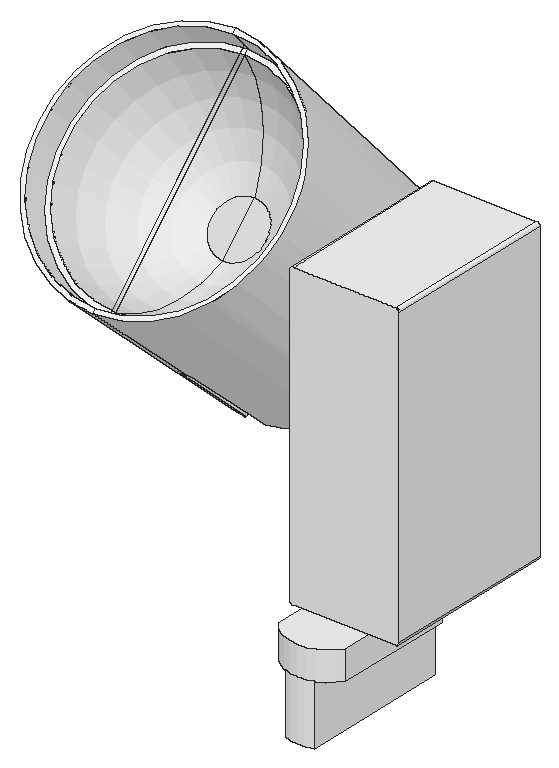
Revit family "0004928 Feilo Sylvania Lighting Fixture START TRACK SPOT L DALI 3260LM 930 WB WHT", category Lighting Fixtures, host Face, Revit 2017
Family settings
  Host = Face
  Round Connector Dimension = Use Diameter
  Part Type = Normal
  OmniClass Number = 23.80.70.00
  OmniClass Title = Lighting
  Cut with Voids When Loaded = No
  Light Source = No
  Shared = No
  Room Calculation Point = No
Parameters (values of type "0004928 START TRACK SPOT L DALI 3260LM 930 WB WHT")
  Weight = "1.368 kg"
  Wattage Comments = ""
  WarrantyStartDate [instance] = "n/a"
  WarrantyGuarantorParts = "n/a"
  WarrantyDurationUnit = "n/a"
  WarrantyDurationParts = "n/a"
  WarrantyDescription = "n/a"
  Voltage = 230 V
  URL = "http://www.sylvania-lighting.com/"
  TypeName = "START TRACK SPOT L DALI 3260LM 930 WB WHT"
  TypeHead_FEILO = Start Track Spot Head : 0004867 START TRACK SPOT L 35W 3K RA90 WB WHITE
  TypeBox_FEILO = Start Track Spot Box : Type Large White
  Type Image = <None>
  Type Comments = "n/a"
  VerticalRotation_FEILO [instance] = 0.00°
  SlideEndAngle_FEILO [instance] = VerticalRotation_FEILO + 180.00°  # 180.00°
  SerialNumber [instance] = "n/a"
  Material_3_FEILO = none
  PowerFactor = 0.93
  PowerConsumption = "35 W"
  NominalLength = 0 mm
  NominalHeight = 240 mm
  NominalDepth = 164 mm
  Name = "START TRACK SPOT L DALI 3260LM 930 WB WHT"
  ModelReference = Name  # "START TRACK SPOT L DALI 3260LM 930 WB WHT"
  ModelNumber = "0004928"
  Model = Name  # "START TRACK SPOT L DALI 3260LM 930 WB WHT"
  Material = "adc12 aluminium housing, polycarbonate diffuser"
  ManufacturerName = "Feilo Sylvania"
  Manufacturer = "Feilo Sylvania"
  LuminousEfficacy = "93 lm/W"
  LuminaireType = ""
  LightOutputRatio = "100"
  LampsType = Lamp  # "LED"
  LampNominalLuminous = "3260 lm"
  LampMacAdamStep = "3"
  LampColourTemperature = "3000 K"
  LampColourRenderingIndex = "90"
  Lamp = "LED"
  Keynote = "16500"
  InstallationDate [instance] = "n/a"
  InputVoltage = "230-240V~"
  InputNominalFrequency = "50/60 Hz"
  IngressProtection = "IP20"
  ImpactProtectionIndex = "IK02"
  IfcExportType = "IfcLightFixtureType"
  IfcExportAs = "IfcLightFixtureType"
  HorizontalRotation_FEILO [instance] = 45.00°
  ExpectedLife = 50000
  ElectricShockClassification = "Class II"
  DurationUnit = "hours"
  DocumentationLiterature = "http://www.sylvania-lighting.com/product/en-int/products/0004867"
  DimmingControlOptions = "Dimmable"
  Material_2_FEILO = none
  Description = "Integrated LED spotlight, Textured White - RAL9016, compact and minimalist design, ideal for retail applications, die-cast aluminium body, passive cooling heatsink. Beam angle: 52°, color temperature: 3000K , total system power: 35W, total fixture output: 3260 lm, LOR: 100%, colour rendering: Ra: 90 typical, LED Chromaticity: 3 step MacAdam ellipse, lifetime: >50000 hours at L70B50, energy class: A++, A+, A, IR/UV free light source without heat radiation, operating voltage: 220-240V / 50-60Hz, drive current: 900mA, electronic driver, non-dimmable, power factor: 0.93, electrical protection: Class II, Global Track 3 Phase adapter suitable for Global trac 3-circuit tracks, ingress protection rating: IP20, suitable for internal environment only, horizontal rotation: 355°, vertical tilt: 90°, dimensions: Ø113x164x240, weight: 1.368kg."
  Default Elevation = 1219.2 mm
  CreatedOn = "04/26/2018"
  CreatedBy = ""
  Cost = 0
  built-in parameter 1114216 [instance] = (empty or 0)
  ClassificationValue = "EF_70_80"
  ClassificationName = "Uniclass2015"
  Material_1_FEILO = Body-Sylvania-StartTrackSpot-White
  BarCode [instance] = "n/a"
  AssetType = "Fixed"
  AssetIdentifier [instance] = "n/a"
  Assembly Code = "D5020200"
  Apparent Load = 35 VA
  Material_4_FEILO = none
Reference planes
  plane 1 "Center (Front/Back)": y = 0
  plane 2: z = 0
  plane 3 "Center (Left/Right)": x = 0
  plane 4: x = 15
  plane 5: x = -15
  plane 6: y = 35
  plane 7: y = -35
  plane 8: z = 13
  plane 9: z = -27
  plane 10: x = 6.5
  plane 11: x = -6.5
  plane 12: y = 27
  plane 13: y = -27
  plane 14: y = 20
Forms (mm)
  Extrusion 1, solid, material "Body-Sylvania-StartTrackSpot-White" <- "Material_1_FEILO"
    sketch origin (0, 0, 0) x (1, 0, 0) y (0, 1, 0)
      loop
        line (-15, 27) -> (-15, -27)
        arc (-15, -27) -> (0, -35) -> (15, -27) r 18.062
        line (15, -27) -> (15, 27)
        arc (15, 27) -> (0, 35) -> (-15, 27) r 18.062
    from 0 to 13
  Extrusion 2, solid, material "Body-Sylvania-StartTrackSpot-White" <- "Material_1_FEILO"
    sketch origin (0, 0, 0) x (1, 0, 0) y (0, 1, 0)
      loop
        arc (6.5, 33.79) -> (0, 35) -> (-6.5, 33.79) r 18.062
        line (-6.5, 33.79) -> (-6.5, -33.79)
        arc (-6.5, -33.79) -> (0, -35) -> (6.5, -33.79) r 18.062
        line (6.5, -33.79) -> (6.5, 33.79)
    from 0 to -27
  Revolve 3, solid, not visible
    sketch origin (1524, 20, 1219.2) x (1, 0, 0) y (0, 0, 1)
      loop
        line (-1524, -1206.2) -> (-1524, -1191.285) -> (-1530.5, -1191.285) -> (-1530.5, -1206.2) -> (-1524, -1206.2)
      axis (-1524, -1191.285) -> (-1524, -1206.2)
    angle from 0 <- "VerticalRotation_FEILO" to 180 <- "SlideEndAngle_FEILO"
Cuts and joins
  joined: Extrusion 1, Extrusion 2
Dimensions and locks
  equal spacing: plane 10, plane 3 "Center (Left/Right)", plane 11
  equal spacing: plane 4, plane 3 "Center (Left/Right)", plane 5
  locked: plane 8 to plane 2 at 13
  locked: plane 8 to plane 9 at 40
  equal spacing: plane 13, plane 1 "Center (Front/Back)", plane 12
  locked: plane 12 to plane 6 at 8
  locked: plane 14 to plane 6 at 15
  locked: Revolve 3 sketch curve to plane 8 at 14.915
  aligned and locked: plane 2 to host face
  aligned and locked: level to host face
  aligned and locked: plane 5 to Extrusion 1 sketch curve  (x2)
  aligned and locked: plane 12 to Extrusion 1 sketch curve
  aligned and locked: plane 13 to Extrusion 1 sketch curve
  aligned and locked: plane 4 to Extrusion 1 sketch curve
  aligned and locked: Extrusion 1 to plane 8
  aligned and locked: Extrusion 1 to level
  aligned and locked: Extrusion 2 sketch curve to Extrusion 1  (x2)
  aligned and locked: Extrusion 2 sketch curve to plane 11
  aligned and locked: plane 10 to Extrusion 2 sketch curve
  aligned and locked: plane 9 to Extrusion 2
  aligned and locked: level to Extrusion 2
  aligned and locked: Revolve 3 sketch curve to plane 3 "Center (Left/Right)"  (x2)
  aligned and locked: plane 11 to Revolve 3 sketch curve
  aligned and locked: Revolve 3 sketch curve to plane 8
Automatic sketch dimensions
  host sketch curve to host sketch curve = 2438.4 mm  (x2)
  Extrusion 1 sketch curve to plane 3 "Center (Left/Right)" = 0 mm  (x2)
  Extrusion 1 sketch curve to plane 13 = 10.062 mm
  plane 12 to Extrusion 1 sketch curve = 10.062 mm
  Revolve 3 sketch curve to plane 3 "Center (Left/Right)" = 0 mm
  plane 9 to Revolve 3 sketch curve = 582.6 mm
  Revolve 3 sketch curve to Revolve 3 sketch curve = 2581.144 mm
Nested families
  nested 1: "Start Track Spot Head" at (-75.5, 20, 133) x (0, 0.7071, 0.7071) z (0, 0.7071, -0.7071), type <- "TypeHead_FEILO", type "0004867 START TRACK SPOT L 35W 3K RA90 WB WHITE"
    with built-in parameter 1114216 (empty or 0)
  nested 2: "Start Track Spot Box" at (8.5, 20, 85) x (-1, 0, 0) z (0, -1, 0), BoxStartAngle_FEILO <- "HorizontalRotation_FEILO", type <- "TypeBox_FEILO", type "Type Large White"
    with BoxStartAngle_FEILO 45.00°, BoxEndAngle_FEILO -135.00°
Connectors
  electrical at (0, 0, 0), driven by "Apparent Load", driven by "PowerFactor", driven by "Voltage"
    settings: index 1, voltage 230 V, apparent load 35 VA, apparent load phase1 0 VA, apparent load phase2 0 VA, apparent load phase3 0 VA, power factor 0.93, load classification "Lighting", number of poles 1, system type 30, power factor state 1, is connector primary yes, connector utility no, sub classification motor no, connector description ""
Definition of nested family "Start Track Spot Head"
  Parameters (values of type "0004811 START TRACK SPOT S 14W 3K RA80 NB WHITE")
    Wattage Comments = "n/a"
    Wattage = 14 W
    built-in parameter 1150110 = 1 (stored number, unit not read)
    URL = "http://www.feilosylvania.com"
    Type Image = (empty or 0)
    Type Comments = "n/a"
    built-in parameter 1114217 = 1 (stored number, unit not read)
    Tilt Angle = -90.00°
    built-in parameter 1150109 = 1 (stored number, unit not read)
    built-in parameter 1150134 = (empty or 0)
    built-in parameter 1150113 = 1 (stored number, unit not read)
    Photometric Web File = "0004811.ies"
    Material_3_FEILO = none
    Model = "START TRACK SPOT S 14W 3K RA80 NB WHITE"
    Manufacturer = "Feilo Sylvania"
    built-in parameter 1150105 = 123.66 (stored number, unit not read)
    Lumens = 1554 lm
    built-in parameter 1150115 = 1 (stored number, unit not read)
    built-in parameter 1150137 = (empty or 0)
    built-in parameter 1150139 = (empty or 0)
    built-in parameter 1150112 = 1 (stored number, unit not read)
    built-in parameter 1150114 = 1 (stored number, unit not read)
    Lamp = "LED"
    Keynote = "16500"
    Material_2_FEILO = none
    built-in parameter 1150132 = (empty or 0)
    built-in parameter 1150102 = (empty or 0)
    built-in parameter 1150107 = 3000 (stored number, unit not read)
    built-in parameter 1150138 = (empty or 0)
    built-in parameter 1150106 = 1.2366 (stored number, unit not read)
    HeadThickness_FEILO = if(HeadDiaOut_FEILO > 112 mm, 2 mm, 1.5 mm)  # 1.5 mm
    HeadRibOffset_FEILO = HeadHeight_FEILO / 28  # 4.179 mm
    HeadRibDepth_FEILO = HeadHeight_FEILO / 2.1  # 55.714 mm
    HeadRibCutWidth_FEILO = HeadDiaOut_FEILO / 12  # 7.167 mm
    HeadRibCutOffset_FEILO = HeadHeight_FEILO / 2.3  # 50.87 mm
    HeadReflectorRadius_FEILO = HeadDiaOut_FEILO / 1.7  # 50.588 mm
    HeadReflectorOffset_FEILO = HeadHeight_FEILO / 2.1  # 55.714 mm
    HeadLEDRadius_FEILO = HeadDiaOut_FEILO / 9  # 9.556 mm
    HeadHeight_FEILO = 117 mm
    HeadDraft_FEILO = 1 mm
    HeadDiffusorThickness_FEILO = 3 mm
    HeadDiffusorOffset_FEILO = HeadHeight_FEILO / 12.4  # 9.435 mm
    HeadDiaOut_FEILO = 86 mm
    HeadDiaIn_FEILO = HeadDiaOut_FEILO / 1.11  # 77.477 mm
    HeadAxisFromTop_FEILO = HeadHeight_FEILO / 1.687  # 69.354 mm
    Emit from Circle Diameter = HeadDiaIn_FEILO  # 77.477 mm
    Emit Shape Visible in Rendering = no
    built-in parameter 1150104 = 10.312 (stored number, unit not read)
    Dimming Lamp Color Temperature Shift = (empty or 0)
    Description = "Integrated LED spotlight, Textured White - RAL9016, compact and minimalist design, ideal for retail applications, die-cast aluminium body, passive cooling heatsink. Beam angle: 12°, color temperature: 3000K , total system power: 14W, total fixture output: 1551 lm, LOR: 100%, colour rendering: Ra: 80 typical, LED Chromaticity: 3 step MacAdam ellipse, lifetime: >50000 hours at L70B50, energy class: A++, A+, A, IR/UV free light source without heat radiation, operating voltage: 220-240V / 50-60Hz, drive current: 350mA, electronic driver, non-dimmable, power factor: 0.92, electrical protection: Class II, Global Track 3 Phase adapter suitable for Global trac 3-circuit tracks, ingress protection rating: IP20, suitable for internal environment only, horizontal rotation: 355°, vertical tilt: 90°, dimensions: Ø86x140x200, weight: 0.940kg."
    Default Elevation = 1219.2 mm
    Cost = 0
    Color Filter = 16777215
    built-in parameter 1114216 [instance] = (empty or 0)
    Material_1_FEILO = none
    built-in parameter 1114218 = 1 (stored number, unit not read)
    built-in parameter 1150133 = 10 (stored number, unit not read)
    Assembly Code = "D5020200"
    Apparent Load = 14 VA
    Material_4_FEILO = none
  Types (96, lengths in mm): name | Wattage | built-in parameter 1150134 | Photometric Web File | Model | built-in parameter 1150105 | Lumens | built-in parameter 1150107 | built-in parameter 1150106 | HeadThickness_FEILO | HeadRibOffset_FEILO | HeadRibDepth_FEILO | HeadRibCutWidth_FEILO | HeadRibCutOffset_FEILO | HeadReflectorRadius_FEILO | HeadReflectorOffset_FEILO | HeadLEDRadius_FEILO | HeadHeight_FEILO | HeadDiffusorOffset_FEILO | HeadDiaOut_FEILO | HeadDiaIn_FEILO | HeadAxisFromTop_FEILO | Emit from Circle Diameter | built-in parameter 1150104 | Description | Apparent Load
    0004906 START TRACK SPOT L 55W 4K RA90 WB BLACK | 55 W | 12 | "0004906.ies" | "START TRACK SPOT L 55W 4K RA90 WB BLACK" | 385.15 (stored number, unit not read) | 4840 lm | 4000 (stored number, unit not read) | 3.8515 (stored number, unit not read) | 2 | 4.429 | 59.048 | 9.417 | 53.913 | 66.471 | 59.048 | 12.556 | 124 | 10 | 113 | 101.802 | 73.503 | 101.802 | 8.1755 (stored number, unit not read) | "Integrated LED spotlight, Textured Black - RAL9005, compact and minimalist design, ideal for retail applications, die-cast aluminium body, passive cooling heatsink. Beam angle: 52°, color temperature: 4000K , total system power: 55W, total fixture output: 4824 lm, LOR: 100%, colour rendering: Ra: 90 typical, LED Chromaticity: 3 step MacAdam ellipse, lifetime: >50000 hours at L70B50, energy class: A++, A+, A, IR/UV free light source without heat radiation, operating voltage: 220-240V / 50-60Hz, drive current: 1400mA, electronic driver, non-dimmable, power factor: 0.96, electrical protection: Class II, Global Track 3 Phase adapter suitable for Global trac 3-circuit tracks, ingress protection rating: IP20, suitable for internal environment only, horizontal rotation: 355°, vertical tilt: 90°, dimensions: Ø113x164x240, weight: 1.398kg." | 55 VA
    0004905 START TRACK SPOT L 55W 4K RA90 MB BLACK | 55 W | 12 | "0004905.ies" | "START TRACK SPOT L 55W 4K RA90 MB BLACK" | 389.53 (stored number, unit not read) | 4895 lm | 4000 (stored number, unit not read) | 3.8953 (stored number, unit not read) | 2 | 4.429 | 59.048 | 9.417 | 53.913 | 66.471 | 59.048 | 12.556 | 124 | 10 | 113 | 101.802 | 73.503 | 101.802 | 8.2684 (stored number, unit not read) | "Integrated LED spotlight, Textured Black - RAL9005, compact and minimalist design, ideal for retail applications, die-cast aluminium body, passive cooling heatsink. Beam angle: 38°, color temperature: 4000K , total system power: 55W, total fixture output: 4897 lm, LOR: 100%, colour rendering: Ra: 90 typical, LED Chromaticity: 3 step MacAdam ellipse, lifetime: >50000 hours at L70B50, energy class: A++, A+, A, IR/UV free light source without heat radiation, operating voltage: 220-240V / 50-60Hz, drive current: 1400mA, electronic driver, non-dimmable, power factor: 0.96, electrical protection: Class II, Global Track 3 Phase adapter suitable for Global trac 3-circuit tracks, ingress protection rating: IP20, suitable for internal environment only, horizontal rotation: 355°, vertical tilt: 90°, dimensions: Ø113x164x240, weight: 1.398kg." | 55 VA
    0004904 START TRACK SPOT L 55W 4K RA90 NB BLACK | 55 W | 12 | "0004904.ies" | "START TRACK SPOT L 55W 4K RA90 NB BLACK" | 393.91 (stored number, unit not read) | 4950 lm | 4000 (stored number, unit not read) | 3.9391 (stored number, unit not read) | 2 | 4.429 | 59.048 | 9.417 | 53.913 | 66.471 | 59.048 | 12.556 | 124 | 10 | 113 | 101.802 | 73.503 | 101.802 | 8.3613 (stored number, unit not read) | "Integrated LED spotlight, Textured Black - RAL9005, compact and minimalist design, ideal for retail applications, die-cast aluminium body, passive cooling heatsink. Beam angle: 15°, color temperature: 4000K , total system power: 55W, total fixture output: 4965 lm, LOR: 100%, colour rendering: Ra: 90 typical, LED Chromaticity: 3 step MacAdam ellipse, lifetime: >50000 hours at L70B50, energy class: A++, A+, A, IR/UV free light source without heat radiation, operating voltage: 220-240V / 50-60Hz, drive current: 1400mA, electronic driver, non-dimmable, power factor: 0.96, electrical protection: Class II, Global Track 3 Phase adapter suitable for Global trac 3-circuit tracks, ingress protection rating: IP20, suitable for internal environment only, horizontal rotation: 355°, vertical tilt: 90°, dimensions: Ø113x164x240, weight: 1.398kg." | 55 VA
    0004903 START TRACK SPOT L 35W 4K RA90 WB BLACK | 35 W | 12 | "0004903.ies" | "START TRACK SPOT L 35W 4K RA90 WB BLACK" | 284.09 (stored number, unit not read) | 3570 lm | 4000 (stored number, unit not read) | 2.8409 (stored number, unit not read) | 2 | 4.429 | 59.048 | 9.417 | 53.913 | 66.471 | 59.048 | 12.556 | 124 | 10 | 113 | 101.802 | 73.503 | 101.802 | 9.4761 (stored number, unit not read) | "Integrated LED spotlight, Textured Black - RAL9005, compact and minimalist design, ideal for retail applications, die-cast aluminium body, passive cooling heatsink. Beam angle: 52°, color temperature: 4000K , total system power: 35W, total fixture output: 3562 lm, LOR: 100%, colour rendering: Ra: 90 typical, LED Chromaticity: 3 step MacAdam ellipse, lifetime: >50000 hours at L70B50, energy class: A++, A+, A, IR/UV free light source without heat radiation, operating voltage: 220-240V / 50-60Hz, drive current: 900mA, electronic driver, non-dimmable, power factor: 0.93, electrical protection: Class II, Global Track 3 Phase adapter suitable for Global trac 3-circuit tracks, ingress protection rating: IP20, suitable for internal environment only, horizontal rotation: 355°, vertical tilt: 90°, dimensions: Ø113x164x240, weight: 1.368kg." | 35 VA
    0004902 START TRACK SPOT L 35W 4K RA90 MB BLACK | 35 W | 12 | "0004902.ies" | "START TRACK SPOT L 35W 4K RA90 MB BLACK" | 286.88 (stored number, unit not read) | 3605 lm | 4000 (stored number, unit not read) | 2.8688 (stored number, unit not read) | 2 | 4.429 | 59.048 | 9.417 | 53.913 | 66.471 | 59.048 | 12.556 | 124 | 10 | 113 | 101.802 | 73.503 | 101.802 | 9.569 (stored number, unit not read) | "Integrated LED spotlight, Textured Black - RAL9005, compact and minimalist design, ideal for retail applications, die-cast aluminium body, passive cooling heatsink. Beam angle: 38°, color temperature: 4000K , total system power: 35W, total fixture output: 3616 lm, LOR: 100%, colour rendering: Ra: 90 typical, LED Chromaticity: 3 step MacAdam ellipse, lifetime: >50000 hours at L70B50, energy class: A++, A+, A, IR/UV free light source without heat radiation, operating voltage: 220-240V / 50-60Hz, drive current: 900mA, electronic driver, non-dimmable, power factor: 0.93, electrical protection: Class II, Global Track 3 Phase adapter suitable for Global trac 3-circuit tracks, ingress protection rating: IP20, suitable for internal environment only, horizontal rotation: 355°, vertical tilt: 90°, dimensions: Ø113x164x240, weight: 1.368kg." | 35 VA
    0004901 START TRACK SPOT L 35W 4K RA90 NB BLACK | 35 W | 12 | "0004901.ies" | "START TRACK SPOT L 35W 4K RA90 NB BLACK" | 286.88 (stored number, unit not read) | 3605 lm | 4000 (stored number, unit not read) | 2.8688 (stored number, unit not read) | 2 | 4.429 | 59.048 | 9.417 | 53.913 | 66.471 | 59.048 | 12.556 | 124 | 10 | 113 | 101.802 | 73.503 | 101.802 | 9.569 (stored number, unit not read) | "Integrated LED spotlight, Textured Black - RAL9005, compact and minimalist design, ideal for retail applications, die-cast aluminium body, passive cooling heatsink. Beam angle: 15°, color temperature: 4000K , total system power: 35W, total fixture output: 3593 lm, LOR: 100%, colour rendering: Ra: 90 typical, LED Chromaticity: 3 step MacAdam ellipse, lifetime: >50000 hours at L70B50, energy class: A++, A+, A, IR/UV free light source without heat radiation, operating voltage: 220-240V / 50-60Hz, drive current: 900mA, electronic driver, non-dimmable, power factor: 0.93, electrical protection: Class II, Global Track 3 Phase adapter suitable for Global trac 3-circuit tracks, ingress protection rating: IP20, suitable for internal environment only, horizontal rotation: 355°, vertical tilt: 90°, dimensions: Ø113x164x240, weight: 1.368kg." | 35 VA
    0004900 START TRACK SPOT S 24W 4K RA90 WB BLACK | 24 W | 12 | "0004900.ies" | "START TRACK SPOT S 24W 4K RA90 WB BLACK" | 166.16 (stored number, unit not read) | 2088 lm | 4000 (stored number, unit not read) | 1.6616 (stored number, unit not read) | 1.5 | 4.179 | 55.714 | 7.167 | 50.87 | 50.588 | 55.714 | 9.556 | 117 | 9.435 | 86 | 77.477 | 69.354 | 77.477 | 8.0826 (stored number, unit not read) | "Integrated LED spotlight, Textured Black - RAL9005, compact and minimalist design, ideal for retail applications, die-cast aluminium body, passive cooling heatsink. Beam angle: 64°, color temperature: 4000K , total system power: 24W, total fixture output: 2087 lm, LOR: 100%, colour rendering: Ra: 90 typical, LED Chromaticity: 3 step MacAdam ellipse, lifetime: >50000 hours at L70B50, energy class: A++, A+, A, IR/UV free light source without heat radiation, operating voltage: 220-240V / 50-60Hz, drive current: 600mA, electronic driver, non-dimmable, power factor: 0.95, electrical protection: Class II, Global Track 3 Phase adapter suitable for Global trac 3-circuit tracks, ingress protection rating: IP20, suitable for internal environment only, horizontal rotation: 355°, vertical tilt: 90°, dimensions: Ø86x140x200, weight: 0.966kg." | 24 VA
    0004899 START TRACK SPOT S 24W 4K RA90 MB BLACK | 24 W | 12 | "0004899.ies" | "START TRACK SPOT S 24W 4K RA90 MB BLACK" | 169.98 (stored number, unit not read) | 2136 lm | 4000 (stored number, unit not read) | 1.6998 (stored number, unit not read) | 1.5 | 4.179 | 55.714 | 7.167 | 50.87 | 50.588 | 55.714 | 9.556 | 117 | 9.435 | 86 | 77.477 | 69.354 | 77.477 | 8.2684 (stored number, unit not read) | "Integrated LED spotlight, Textured Black - RAL9005, compact and minimalist design, ideal for retail applications, die-cast aluminium body, passive cooling heatsink. Beam angle: 36°, color temperature: 4000K , total system power: 24W, total fixture output: 2141 lm, LOR: 100%, colour rendering: Ra: 90 typical, LED Chromaticity: 3 step MacAdam ellipse, lifetime: >50000 hours at L70B50, energy class: A++, A+, A, IR/UV free light source without heat radiation, operating voltage: 220-240V / 50-60Hz, drive current: 600mA, electronic driver, non-dimmable, power factor: 0.95, electrical protection: Class II, Global Track 3 Phase adapter suitable for Global trac 3-circuit tracks, ingress protection rating: IP20, suitable for internal environment only, horizontal rotation: 355°, vertical tilt: 90°, dimensions: Ø86x140x200, weight: 0.966kg." | 24 VA
    0004898 START TRACK SPOT S 24W 4K RA90 NB BLACK | 24 W | 12 | "0004898.ies" | "START TRACK SPOT S 24W 4K RA90 NB BLACK" | 171.89 (stored number, unit not read) | 2160 lm | 4000 (stored number, unit not read) | 1.7189 (stored number, unit not read) | 1.5 | 4.179 | 55.714 | 7.167 | 50.87 | 50.588 | 55.714 | 9.556 | 117 | 9.435 | 86 | 77.477 | 69.354 | 77.477 | 8.3613 (stored number, unit not read) | "Integrated LED spotlight, Textured Black - RAL9005, compact and minimalist design, ideal for retail applications, die-cast aluminium body, passive cooling heatsink. Beam angle: 12°, color temperature: 4000K , total system power: 24W, total fixture output: 2155 lm, LOR: 100%, colour rendering: Ra: 90 typical, LED Chromaticity: 3 step MacAdam ellipse, lifetime: >50000 hours at L70B50, energy class: A++, A+, A, IR/UV free light source without heat radiation, operating voltage: 220-240V / 50-60Hz, drive current: 600mA, electronic driver, non-dimmable, power factor: 0.95, electrical protection: Class II, Global Track 3 Phase adapter suitable for Global trac 3-circuit tracks, ingress protection rating: IP20, suitable for internal environment only, horizontal rotation: 355°, vertical tilt: 90°, dimensions: Ø86x140x200, weight: 0.966kg." | 24 VA
    0004897 START TRACK SPOT S 14W 4K RA90 WB BLACK | 14 W | 12 | "0004897.ies" | "START TRACK SPOT S 14W 4K RA90 WB BLACK" | 108.07 (stored number, unit not read) | 1358 lm | 4000 (stored number, unit not read) | 1.0807 (stored number, unit not read) | 1.5 | 4.179 | 55.714 | 7.167 | 50.87 | 50.588 | 55.714 | 9.556 | 117 | 9.435 | 86 | 77.477 | 69.354 | 77.477 | 9.0116 (stored number, unit not read) | "Integrated LED spotlight, Textured Black - RAL9005, compact and minimalist design, ideal for retail applications, die-cast aluminium body, passive cooling heatsink. Beam angle: 64°, color temperature: 4000K , total system power: 14W, total fixture output: 1352 lm, LOR: 100%, colour rendering: Ra: 90 typical, LED Chromaticity: 3 step MacAdam ellipse, lifetime: >50000 hours at L70B50, energy class: A++, A+, A, IR/UV free light source without heat radiation, operating voltage: 220-240V / 50-60Hz, drive current: 350mA, electronic driver, non-dimmable, power factor: 0.92, electrical protection: Class II, Global Track 3 Phase adapter suitable for Global trac 3-circuit tracks, ingress protection rating: IP20, suitable for internal environment only, horizontal rotation: 355°, vertical tilt: 90°, dimensions: Ø86x140x200, weight: 0.940kg." | 14 VA
    0004896 START TRACK SPOT S 14W 4K RA90 MB BLACK | 14 W | 12 | "0004896.ies" | "START TRACK SPOT S 14W 4K RA90 MB BLACK" | 108.07 (stored number, unit not read) | 1358 lm | 4000 (stored number, unit not read) | 1.0807 (stored number, unit not read) | 1.5 | 4.179 | 55.714 | 7.167 | 50.87 | 50.588 | 55.714 | 9.556 | 117 | 9.435 | 86 | 77.477 | 69.354 | 77.477 | 9.0116 (stored number, unit not read) | "Integrated LED spotlight, Textured Black - RAL9005, compact and minimalist design, ideal for retail applications, die-cast aluminium body, passive cooling heatsink. Beam angle: 36°, color temperature: 4000K , total system power: 14W, total fixture output: 1359 lm, LOR: 100%, colour rendering: Ra: 90 typical, LED Chromaticity: 3 step MacAdam ellipse, lifetime: >50000 hours at L70B50, energy class: A++, A+, A, IR/UV free light source without heat radiation, operating voltage: 220-240V / 50-60Hz, drive current: 350mA, electronic driver, non-dimmable, power factor: 0.92, electrical protection: Class II, Global Track 3 Phase adapter suitable for Global trac 3-circuit tracks, ingress protection rating: IP20, suitable for internal environment only, horizontal rotation: 355°, vertical tilt: 90°, dimensions: Ø86x140x200, weight: 0.940kg." | 14 VA
    0004895 START TRACK SPOT S 14W 4K RA90 NB BLACK | 14 W | 12 | "0004895.ies" | "START TRACK SPOT S 14W 4K RA90 NB BLACK" | 106.95 (stored number, unit not read) | 1344 lm | 4000 (stored number, unit not read) | 1.0695 (stored number, unit not read) | 1.5 | 4.179 | 55.714 | 7.167 | 50.87 | 50.588 | 55.714 | 9.556 | 117 | 9.435 | 86 | 77.477 | 69.354 | 77.477 | 8.9187 (stored number, unit not read) | "Integrated LED spotlight, Textured Black - RAL9005, compact and minimalist design, ideal for retail applications, die-cast aluminium body, passive cooling heatsink. Beam angle: 12°, color temperature: 4000K , total system power: 14W, total fixture output: 1349 lm, LOR: 100%, colour rendering: Ra: 90 typical, LED Chromaticity: 3 step MacAdam ellipse, lifetime: >50000 hours at L70B50, energy class: A++, A+, A, IR/UV free light source without heat radiation, operating voltage: 220-240V / 50-60Hz, drive current: 350mA, electronic driver, non-dimmable, power factor: 0.92, electrical protection: Class II, Global Track 3 Phase adapter suitable for Global trac 3-circuit tracks, ingress protection rating: IP20, suitable for internal environment only, horizontal rotation: 355°, vertical tilt: 90°, dimensions: Ø86x140x200, weight: 0.940kg." | 14 VA
    0004894 START TRACK SPOT L 55W 3K RA90 WB BLACK | 55 W | (empty or 0) | "0004894.ies" | "START TRACK SPOT L 55W 3K RA90 WB BLACK" | 350.14 (stored number, unit not read) | 4400 lm | 3000 (stored number, unit not read) | 3.5014 (stored number, unit not read) | 2 | 4.429 | 59.048 | 9.417 | 53.913 | 66.471 | 59.048 | 12.556 | 124 | 10 | 113 | 101.802 | 73.503 | 101.802 | 7.4322 (stored number, unit not read) | "Integrated LED spotlight, Textured Black - RAL9005, compact and minimalist design, ideal for retail applications, die-cast aluminium body, passive cooling heatsink. Beam angle: 52°, color temperature: 3000K , total system power: 55W, total fixture output: 4405 lm, LOR: 100%, colour rendering: Ra: 90 typical, LED Chromaticity: 3 step MacAdam ellipse, lifetime: >50000 hours at L70B50, energy class: A++, A+, A, IR/UV free light source without heat radiation, operating voltage: 220-240V / 50-60Hz, drive current: 1400mA, electronic driver, non-dimmable, power factor: 0.96, electrical protection: Class II, Global Track 3 Phase adapter suitable for Global trac 3-circuit tracks, ingress protection rating: IP20, suitable for internal environment only, horizontal rotation: 355°, vertical tilt: 90°, dimensions: Ø113x164x240, weight: 1.398kg." | 55 VA
    0004893 START TRACK SPOT L 55W 3K RA90 MB BLACK | 55 W | (empty or 0) | "0004893.ies" | "START TRACK SPOT L 55W 3K RA90 MB BLACK" | 354.52 (stored number, unit not read) | 4455 lm | 3000 (stored number, unit not read) | 3.5452 (stored number, unit not read) | 2 | 4.429 | 59.048 | 9.417 | 53.913 | 66.471 | 59.048 | 12.556 | 124 | 10 | 113 | 101.802 | 73.503 | 101.802 | 7.5251 (stored number, unit not read) | "Integrated LED spotlight, Textured Black - RAL9005, compact and minimalist design, ideal for retail applications, die-cast aluminium body, passive cooling heatsink. Beam angle: 38°, color temperature: 3000K , total system power: 55W, total fixture output: 4448 lm, LOR: 100%, colour rendering: Ra: 90 typical, LED Chromaticity: 3 step MacAdam ellipse, lifetime: >50000 hours at L70B50, energy class: A++, A+, A, IR/UV free light source without heat radiation, operating voltage: 220-240V / 50-60Hz, drive current: 1400mA, electronic driver, non-dimmable, power factor: 0.96, electrical protection: Class II, Global Track 3 Phase adapter suitable for Global trac 3-circuit tracks, ingress protection rating: IP20, suitable for internal environment only, horizontal rotation: 355°, vertical tilt: 90°, dimensions: Ø113x164x240, weight: 1.398kg." | 55 VA
    0004892 START TRACK SPOT L 55W 3K RA90 NB BLACK | 55 W | (empty or 0) | "0004892.ies" | "START TRACK SPOT L 55W 3K RA90 NB BLACK" | 350.14 (stored number, unit not read) | 4400 lm | 3000 (stored number, unit not read) | 3.5014 (stored number, unit not read) | 2 | 4.429 | 59.048 | 9.417 | 53.913 | 66.471 | 59.048 | 12.556 | 124 | 10 | 113 | 101.802 | 73.503 | 101.802 | 7.4322 (stored number, unit not read) | "Integrated LED spotlight, Textured Black - RAL9005, compact and minimalist design, ideal for retail applications, die-cast aluminium body, passive cooling heatsink. Beam angle: 15°, color temperature: 3000K , total system power: 55W, total fixture output: 4416 lm, LOR: 100%, colour rendering: Ra: 90 typical, LED Chromaticity: 3 step MacAdam ellipse, lifetime: >50000 hours at L70B50, energy class: A++, A+, A, IR/UV free light source without heat radiation, operating voltage: 220-240V / 50-60Hz, drive current: 1400mA, electronic driver, non-dimmable, power factor: 0.96, electrical protection: Class II, Global Track 3 Phase adapter suitable for Global trac 3-circuit tracks, ingress protection rating: IP20, suitable for internal environment only, horizontal rotation: 355°, vertical tilt: 90°, dimensions: Ø113x164x240, weight: 1.398kg." | 55 VA
    0004891 START TRACK SPOT L 35W 3K RA90 WB BLACK | 35 W | (empty or 0) | "0004891.ies" | "START TRACK SPOT L 35W 3K RA90 WB BLACK" | 259.02 (stored number, unit not read) | 3255 lm | 3000 (stored number, unit not read) | 2.5902 (stored number, unit not read) | 2 | 4.429 | 59.048 | 9.417 | 53.913 | 66.471 | 59.048 | 12.556 | 124 | 10 | 113 | 101.802 | 73.503 | 101.802 | 8.64 (stored number, unit not read) | "Integrated LED spotlight, Textured Black - RAL9005, compact and minimalist design, ideal for retail applications, die-cast aluminium body, passive cooling heatsink. Beam angle: 52°, color temperature: 3000K , total system power: 35W, total fixture output: 3260 lm, LOR: 100%, colour rendering: Ra: 90 typical, LED Chromaticity: 3 step MacAdam ellipse, lifetime: >50000 hours at L70B50, energy class: A++, A+, A, IR/UV free light source without heat radiation, operating voltage: 220-240V / 50-60Hz, drive current: 900mA, electronic driver, non-dimmable, power factor: 0.93, electrical protection: Class II, Global Track 3 Phase adapter suitable for Global trac 3-circuit tracks, ingress protection rating: IP20, suitable for internal environment only, horizontal rotation: 355°, vertical tilt: 90°, dimensions: Ø113x164x240, weight: 1.368kg." | 35 VA
    0004890 START TRACK SPOT L 35W 3K RA90 MB BLACK | 35 W | (empty or 0) | "0004890.ies" | "START TRACK SPOT L 35W 3K RA90 MB BLACK" | 261.81 (stored number, unit not read) | 3290 lm | 3000 (stored number, unit not read) | 2.6181 (stored number, unit not read) | 2 | 4.429 | 59.048 | 9.417 | 53.913 | 66.471 | 59.048 | 12.556 | 124 | 10 | 113 | 101.802 | 73.503 | 101.802 | 8.7329 (stored number, unit not read) | "Integrated LED spotlight, Textured Black - RAL9005, compact and minimalist design, ideal for retail applications, die-cast aluminium body, passive cooling heatsink. Beam angle: 38°, color temperature: 3000K , total system power: 35W, total fixture output: 3306 lm, LOR: 100%, colour rendering: Ra: 90 typical, LED Chromaticity: 3 step MacAdam ellipse, lifetime: >50000 hours at L70B50, energy class: A++, A+, A, IR/UV free light source without heat radiation, operating voltage: 220-240V / 50-60Hz, drive current: 900mA, electronic driver, non-dimmable, power factor: 0.93, electrical protection: Class II, Global Track 3 Phase adapter suitable for Global trac 3-circuit tracks, ingress protection rating: IP20, suitable for internal environment only, horizontal rotation: 355°, vertical tilt: 90°, dimensions: Ø113x164x240, weight: 1.368kg." | 35 VA
    0004889 START TRACK SPOT L 35W 3K RA90 NB BLACK | 35 W | (empty or 0) | "0004889.ies" | "START TRACK SPOT L 35W 3K RA90 NB BLACK" | 261.81 (stored number, unit not read) | 3290 lm | 3000 (stored number, unit not read) | 2.6181 (stored number, unit not read) | 2 | 4.429 | 59.048 | 9.417 | 53.913 | 66.471 | 59.048 | 12.556 | 124 | 10 | 113 | 101.802 | 73.503 | 101.802 | 8.7329 (stored number, unit not read) | "Integrated LED spotlight, Textured Black - RAL9005, compact and minimalist design, ideal for retail applications, die-cast aluminium body, passive cooling heatsink. Beam angle: 15°, color temperature: 3000K , total system power: 35W, total fixture output: 3287 lm, LOR: 100%, colour rendering: Ra: 90 typical, LED Chromaticity: 3 step MacAdam ellipse, lifetime: >50000 hours at L70B50, energy class: A++, A+, A, IR/UV free light source without heat radiation, operating voltage: 220-240V / 50-60Hz, drive current: 900mA, electronic driver, non-dimmable, power factor: 0.93, electrical protection: Class II, Global Track 3 Phase adapter suitable for Global trac 3-circuit tracks, ingress protection rating: IP20, suitable for internal environment only, horizontal rotation: 355°, vertical tilt: 90°, dimensions: Ø113x164x240, weight: 1.368kg." | 35 VA
    0004888 START TRACK SPOT S 24W 3K RA90 WB BLACK | 24 W | (empty or 0) | "0004888.ies" | "START TRACK SPOT S 24W 3K RA90 WB BLACK" | 152.79 (stored number, unit not read) | 1920 lm | 3000 (stored number, unit not read) | 1.5279 (stored number, unit not read) | 1.5 | 4.179 | 55.714 | 7.167 | 50.87 | 50.588 | 55.714 | 9.556 | 117 | 9.435 | 86 | 77.477 | 69.354 | 77.477 | 7.4322 (stored number, unit not read) | "Integrated LED spotlight, Textured Black - RAL9005, compact and minimalist design, ideal for retail applications, die-cast aluminium body, passive cooling heatsink. Beam angle: 64°, color temperature: 3000K , total system power: 24W, total fixture output: 1928 lm, LOR: 100%, colour rendering: Ra: 90 typical, LED Chromaticity: 3 step MacAdam ellipse, lifetime: >50000 hours at L70B50, energy class: A++, A+, A, IR/UV free light source without heat radiation, operating voltage: 220-240V / 50-60Hz, drive current: 600mA, electronic driver, non-dimmable, power factor: 0.95, electrical protection: Class II, Global Track 3 Phase adapter suitable for Global trac 3-circuit tracks, ingress protection rating: IP20, suitable for internal environment only, horizontal rotation: 355°, vertical tilt: 90°, dimensions: Ø86x140x200, weight: 0.966kg." | 24 VA
    0004887 START TRACK SPOT S 24W 3K RA90 MB BLACK | 24 W | (empty or 0) | "0004887.ies" | "START TRACK SPOT S 24W 3K RA90 MB BLACK" | 154.7 (stored number, unit not read) | 1944 lm | 3000 (stored number, unit not read) | 1.547 (stored number, unit not read) | 1.5 | 4.179 | 55.714 | 7.167 | 50.87 | 50.588 | 55.714 | 9.556 | 117 | 9.435 | 86 | 77.477 | 69.354 | 77.477 | 7.5251 (stored number, unit not read) | "Integrated LED spotlight, Textured Black - RAL9005, compact and minimalist design, ideal for retail applications, die-cast aluminium body, passive cooling heatsink. Beam angle: 36°, color temperature: 3000K , total system power: 24W, total fixture output: 1944 lm, LOR: 100%, colour rendering: Ra: 90 typical, LED Chromaticity: 3 step MacAdam ellipse, lifetime: >50000 hours at L70B50, energy class: A++, A+, A, IR/UV free light source without heat radiation, operating voltage: 220-240V / 50-60Hz, drive current: 600mA, electronic driver, non-dimmable, power factor: 0.95, electrical protection: Class II, Global Track 3 Phase adapter suitable for Global trac 3-circuit tracks, ingress protection rating: IP20, suitable for internal environment only, horizontal rotation: 355°, vertical tilt: 90°, dimensions: Ø86x140x200, weight: 0.966kg." | 24 VA
    0004886 START TRACK SPOT S 24W 3K RA90 NB BLACK | 24 W | (empty or 0) | "0004886.ies" | "START TRACK SPOT S 24W 3K RA90 NB BLACK" | 158.52 (stored number, unit not read) | 1992 lm | 3000 (stored number, unit not read) | 1.5852 (stored number, unit not read) | 1.5 | 4.179 | 55.714 | 7.167 | 50.87 | 50.588 | 55.714 | 9.556 | 117 | 9.435 | 86 | 77.477 | 69.354 | 77.477 | 7.711 (stored number, unit not read) | "Integrated LED spotlight, Textured Black - RAL9005, compact and minimalist design, ideal for retail applications, die-cast aluminium body, passive cooling heatsink. Beam angle: 12°, color temperature: 3000K , total system power: 24W, total fixture output: 1987 lm, LOR: 100%, colour rendering: Ra: 90 typical, LED Chromaticity: 3 step MacAdam ellipse, lifetime: >50000 hours at L70B50, energy class: A++, A+, A, IR/UV free light source without heat radiation, operating voltage: 220-240V / 50-60Hz, drive current: 600mA, electronic driver, non-dimmable, power factor: 0.95, electrical protection: Class II, Global Track 3 Phase adapter suitable for Global trac 3-circuit tracks, ingress protection rating: IP20, suitable for internal environment only, horizontal rotation: 355°, vertical tilt: 90°, dimensions: Ø86x140x200, weight: 0.966kg." | 24 VA
    0004885 START TRACK SPOT S 14W 3K RA90 WB BLACK | 14 W | (empty or 0) | "0004885.ies" | "START TRACK SPOT S 14W 3K RA90 WB BLACK" | 100.27 (stored number, unit not read) | 1260 lm | 3000 (stored number, unit not read) | 1.0027 (stored number, unit not read) | 1.5 | 4.179 | 55.714 | 7.167 | 50.87 | 50.588 | 55.714 | 9.556 | 117 | 9.435 | 86 | 77.477 | 69.354 | 77.477 | 8.3613 (stored number, unit not read) | "Integrated LED spotlight, Textured Black - RAL9005, compact and minimalist design, ideal for retail applications, die-cast aluminium body, passive cooling heatsink. Beam angle: 64°, color temperature: 3000K , total system power: 14W, total fixture output: 1262 lm, LOR: 100%, colour rendering: Ra: 90 typical, LED Chromaticity: 3 step MacAdam ellipse, lifetime: >50000 hours at L70B50, energy class: A++, A+, A, IR/UV free light source without heat radiation, operating voltage: 220-240V / 50-60Hz, drive current: 350mA, electronic driver, non-dimmable, power factor: 0.92, electrical protection: Class II, Global Track 3 Phase adapter suitable for Global trac 3-circuit tracks, ingress protection rating: IP20, suitable for internal environment only, horizontal rotation: 355°, vertical tilt: 90°, dimensions: Ø86x140x200, weight: 0.940kg." | 14 VA
    0004884 START TRACK SPOT S 14W 3K RA90 MB BLACK | 14 W | (empty or 0) | "0004884.ies" | "START TRACK SPOT S 14W 3K RA90 MB BLACK" | 100.27 (stored number, unit not read) | 1260 lm | 3000 (stored number, unit not read) | 1.0027 (stored number, unit not read) | 1.5 | 4.179 | 55.714 | 7.167 | 50.87 | 50.588 | 55.714 | 9.556 | 117 | 9.435 | 86 | 77.477 | 69.354 | 77.477 | 8.3613 (stored number, unit not read) | "Integrated LED spotlight, Textured Black - RAL9005, compact and minimalist design, ideal for retail applications, die-cast aluminium body, passive cooling heatsink. Beam angle: 36°, color temperature: 3000K , total system power: 14W, total fixture output: 1262 lm, LOR: 100%, colour rendering: Ra: 90 typical, LED Chromaticity: 3 step MacAdam ellipse, lifetime: >50000 hours at L70B50, energy class: A++, A+, A, IR/UV free light source without heat radiation, operating voltage: 220-240V / 50-60Hz, drive current: 350mA, electronic driver, non-dimmable, power factor: 0.92, electrical protection: Class II, Global Track 3 Phase adapter suitable for Global trac 3-circuit tracks, ingress protection rating: IP20, suitable for internal environment only, horizontal rotation: 355°, vertical tilt: 90°, dimensions: Ø86x140x200, weight: 0.940kg." | 14 VA
    0004883 START TRACK SPOT S 14W 3K RA90 NB BLACK | 14 W | (empty or 0) | "0004883.ies" | "START TRACK SPOT S 14W 3K RA90 NB BLACK" | 102.5 (stored number, unit not read) | 1288 lm | 3000 (stored number, unit not read) | 1.025 (stored number, unit not read) | 1.5 | 4.179 | 55.714 | 7.167 | 50.87 | 50.588 | 55.714 | 9.556 | 117 | 9.435 | 86 | 77.477 | 69.354 | 77.477 | 8.5471 (stored number, unit not read) | "Integrated LED spotlight, Textured Black - RAL9005, compact and minimalist design, ideal for retail applications, die-cast aluminium body, passive cooling heatsink. Beam angle: 12°, color temperature: 3000K , total system power: 14W, total fixture output: 1284 lm, LOR: 100%, colour rendering: Ra: 90 typical, LED Chromaticity: 3 step MacAdam ellipse, lifetime: >50000 hours at L70B50, energy class: A++, A+, A, IR/UV free light source without heat radiation, operating voltage: 220-240V / 50-60Hz, drive current: 350mA, electronic driver, non-dimmable, power factor: 0.92, electrical protection: Class II, Global Track 3 Phase adapter suitable for Global trac 3-circuit tracks, ingress protection rating: IP20, suitable for internal environment only, horizontal rotation: 355°, vertical tilt: 90°, dimensions: Ø86x140x200, weight: 0.940kg." | 14 VA
    0004882 START TRACK SPOT L 55W 4K RA90 WB WHITE | 55 W | 12 | "0004882.ies" | "START TRACK SPOT L 55W 4K RA90 WB WHITE" | 385.15 (stored number, unit not read) | 4840 lm | 4000 (stored number, unit not read) | 3.8515 (stored number, unit not read) | 2 | 4.429 | 59.048 | 9.417 | 53.913 | 66.471 | 59.048 | 12.556 | 124 | 10 | 113 | 101.802 | 73.503 | 101.802 | 8.1755 (stored number, unit not read) | "Integrated LED spotlight, Textured White - RAL9016, compact and minimalist design, ideal for retail applications, die-cast aluminium body, passive cooling heatsink. Beam angle: 52°, color temperature: 4000K , total system power: 55W, total fixture output: 4824 lm, LOR: 100%, colour rendering: Ra: 90 typical, LED Chromaticity: 3 step MacAdam ellipse, lifetime: >50000 hours at L70B50, energy class: A++, A+, A, IR/UV free light source without heat radiation, operating voltage: 220-240V / 50-60Hz, drive current: 1400mA, electronic driver, non-dimmable, power factor: 0.96, electrical protection: Class II, Global Track 3 Phase adapter suitable for Global trac 3-circuit tracks, ingress protection rating: IP20, suitable for internal environment only, horizontal rotation: 355°, vertical tilt: 90°, dimensions: Ø113x164x240, weight: 1.398kg." | 55 VA
    0004881 START TRACK SPOT L 55W 4K RA90 MB WHITE | 55 W | 12 | "0004881.ies" | "START TRACK SPOT L 55W 4K RA90 MB WHITE" | 389.53 (stored number, unit not read) | 4895 lm | 4000 (stored number, unit not read) | 3.8953 (stored number, unit not read) | 2 | 4.429 | 59.048 | 9.417 | 53.913 | 66.471 | 59.048 | 12.556 | 124 | 10 | 113 | 101.802 | 73.503 | 101.802 | 8.2684 (stored number, unit not read) | "Integrated LED spotlight, Textured White - RAL9016, compact and minimalist design, ideal for retail applications, die-cast aluminium body, passive cooling heatsink. Beam angle: 38°, color temperature: 4000K , total system power: 55W, total fixture output: 4897 lm, LOR: 100%, colour rendering: Ra: 90 typical, LED Chromaticity: 3 step MacAdam ellipse, lifetime: >50000 hours at L70B50, energy class: A++, A+, A, IR/UV free light source without heat radiation, operating voltage: 220-240V / 50-60Hz, drive current: 1400mA, electronic driver, non-dimmable, power factor: 0.96, electrical protection: Class II, Global Track 3 Phase adapter suitable for Global trac 3-circuit tracks, ingress protection rating: IP20, suitable for internal environment only, horizontal rotation: 355°, vertical tilt: 90°, dimensions: Ø113x164x240, weight: 1.398kg." | 55 VA
    0004880 START TRACK SPOT L 55W 4K RA90 NB WHITE | 55 W | 12 | "0004880.ies" | "START TRACK SPOT L 55W 4K RA90 NB WHITE" | 393.91 (stored number, unit not read) | 4950 lm | 4000 (stored number, unit not read) | 3.9391 (stored number, unit not read) | 2 | 4.429 | 59.048 | 9.417 | 53.913 | 66.471 | 59.048 | 12.556 | 124 | 10 | 113 | 101.802 | 73.503 | 101.802 | 8.3613 (stored number, unit not read) | "Integrated LED spotlight, Textured White - RAL9016, compact and minimalist design, ideal for retail applications, die-cast aluminium body, passive cooling heatsink. Beam angle: 15°, color temperature: 4000K , total system power: 55W, total fixture output: 4965 lm, LOR: 100%, colour rendering: Ra: 90 typical, LED Chromaticity: 3 step MacAdam ellipse, lifetime: >50000 hours at L70B50, energy class: A++, A+, A, IR/UV free light source without heat radiation, operating voltage: 220-240V / 50-60Hz, drive current: 1400mA, electronic driver, non-dimmable, power factor: 0.96, electrical protection: Class II, Global Track 3 Phase adapter suitable for Global trac 3-circuit tracks, ingress protection rating: IP20, suitable for internal environment only, horizontal rotation: 355°, vertical tilt: 90°, dimensions: Ø113x164x240, weight: 1.398kg." | 55 VA
    0004879 START TRACK SPOT L 35W 4K RA90 WB WHITE | 35 W | 12 | "0004879.ies" | "START TRACK SPOT L 35W 4K RA90 WB WHITE" | 284.09 (stored number, unit not read) | 3570 lm | 4000 (stored number, unit not read) | 2.8409 (stored number, unit not read) | 2 | 4.429 | 59.048 | 9.417 | 53.913 | 66.471 | 59.048 | 12.556 | 124 | 10 | 113 | 101.802 | 73.503 | 101.802 | 9.4761 (stored number, unit not read) | "Integrated LED spotlight, Textured White - RAL9016, compact and minimalist design, ideal for retail applications, die-cast aluminium body, passive cooling heatsink. Beam angle: 52°, color temperature: 4000K , total system power: 35W, total fixture output: 3562 lm, LOR: 100%, colour rendering: Ra: 90 typical, LED Chromaticity: 3 step MacAdam ellipse, lifetime: >50000 hours at L70B50, energy class: A++, A+, A, IR/UV free light source without heat radiation, operating voltage: 220-240V / 50-60Hz, drive current: 900mA, electronic driver, non-dimmable, power factor: 0.93, electrical protection: Class II, Global Track 3 Phase adapter suitable for Global trac 3-circuit tracks, ingress protection rating: IP20, suitable for internal environment only, horizontal rotation: 355°, vertical tilt: 90°, dimensions: Ø113x164x240, weight: 1.368kg." | 35 VA
    0004878 START TRACK SPOT L 35W 4K RA90 MB WHITE | 35 W | 12 | "0004878.ies" | "START TRACK SPOT L 35W 4K RA90 MB WHITE" | 286.88 (stored number, unit not read) | 3605 lm | 4000 (stored number, unit not read) | 2.8688 (stored number, unit not read) | 2 | 4.429 | 59.048 | 9.417 | 53.913 | 66.471 | 59.048 | 12.556 | 124 | 10 | 113 | 101.802 | 73.503 | 101.802 | 9.569 (stored number, unit not read) | "Integrated LED spotlight, Textured White - RAL9016, compact and minimalist design, ideal for retail applications, die-cast aluminium body, passive cooling heatsink. Beam angle: 38°, color temperature: 4000K , total system power: 35W, total fixture output: 3616 lm, LOR: 100%, colour rendering: Ra: 90 typical, LED Chromaticity: 3 step MacAdam ellipse, lifetime: >50000 hours at L70B50, energy class: A++, A+, A, IR/UV free light source without heat radiation, operating voltage: 220-240V / 50-60Hz, drive current: 900mA, electronic driver, non-dimmable, power factor: 0.93, electrical protection: Class II, Global Track 3 Phase adapter suitable for Global trac 3-circuit tracks, ingress protection rating: IP20, suitable for internal environment only, horizontal rotation: 355°, vertical tilt: 90°, dimensions: Ø113x164x240, weight: 1.368kg." | 35 VA
    0004877 START TRACK SPOT L 35W 4K RA90 NB WHITE | 35 W | 12 | "0004877.ies" | "START TRACK SPOT L 35W 4K RA90 NB WHITE" | 286.88 (stored number, unit not read) | 3605 lm | 4000 (stored number, unit not read) | 2.8688 (stored number, unit not read) | 2 | 4.429 | 59.048 | 9.417 | 53.913 | 66.471 | 59.048 | 12.556 | 124 | 10 | 113 | 101.802 | 73.503 | 101.802 | 9.569 (stored number, unit not read) | "Integrated LED spotlight, Textured White - RAL9016, compact and minimalist design, ideal for retail applications, die-cast aluminium body, passive cooling heatsink. Beam angle: 15°, color temperature: 4000K , total system power: 35W, total fixture output: 3593 lm, LOR: 100%, colour rendering: Ra: 90 typical, LED Chromaticity: 3 step MacAdam ellipse, lifetime: >50000 hours at L70B50, energy class: A++, A+, A, IR/UV free light source without heat radiation, operating voltage: 220-240V / 50-60Hz, drive current: 900mA, electronic driver, non-dimmable, power factor: 0.93, electrical protection: Class II, Global Track 3 Phase adapter suitable for Global trac 3-circuit tracks, ingress protection rating: IP20, suitable for internal environment only, horizontal rotation: 355°, vertical tilt: 90°, dimensions: Ø113x164x240, weight: 1.368kg." | 35 VA
    0004876 START TRACK SPOT S 24W 4K RA90 WB WHITE | 24 W | 12 | "0004876.ies" | "START TRACK SPOT S 24W 4K RA90 WB WHITE" | 166.16 (stored number, unit not read) | 2088 lm | 4000 (stored number, unit not read) | 1.6616 (stored number, unit not read) | 1.5 | 4.179 | 55.714 | 7.167 | 50.87 | 50.588 | 55.714 | 9.556 | 117 | 9.435 | 86 | 77.477 | 69.354 | 77.477 | 8.0826 (stored number, unit not read) | "Integrated LED spotlight, Textured White - RAL9016, compact and minimalist design, ideal for retail applications, die-cast aluminium body, passive cooling heatsink. Beam angle: 64°, color temperature: 4000K , total system power: 24W, total fixture output: 2087 lm, LOR: 100%, colour rendering: Ra: 90 typical, LED Chromaticity: 3 step MacAdam ellipse, lifetime: >50000 hours at L70B50, energy class: A++, A+, A, IR/UV free light source without heat radiation, operating voltage: 220-240V / 50-60Hz, drive current: 600mA, electronic driver, non-dimmable, power factor: 0.95, electrical protection: Class II, Global Track 3 Phase adapter suitable for Global trac 3-circuit tracks, ingress protection rating: IP20, suitable for internal environment only, horizontal rotation: 355°, vertical tilt: 90°, dimensions: Ø86x140x200, weight: 0.966kg." | 24 VA
    0004875 START TRACK SPOT S 24W 4K RA90 MB WHITE | 24 W | 12 | "0004875.ies" | "START TRACK SPOT S 24W 4K RA90 MB WHITE" | 169.98 (stored number, unit not read) | 2136 lm | 4000 (stored number, unit not read) | 1.6998 (stored number, unit not read) | 1.5 | 4.179 | 55.714 | 7.167 | 50.87 | 50.588 | 55.714 | 9.556 | 117 | 9.435 | 86 | 77.477 | 69.354 | 77.477 | 8.2684 (stored number, unit not read) | "Integrated LED spotlight, Textured White - RAL9016, compact and minimalist design, ideal for retail applications, die-cast aluminium body, passive cooling heatsink. Beam angle: 36°, color temperature: 4000K , total system power: 24W, total fixture output: 2141 lm, LOR: 100%, colour rendering: Ra: 90 typical, LED Chromaticity: 3 step MacAdam ellipse, lifetime: >50000 hours at L70B50, energy class: A++, A+, A, IR/UV free light source without heat radiation, operating voltage: 220-240V / 50-60Hz, drive current: 600mA, electronic driver, non-dimmable, power factor: 0.95, electrical protection: Class II, Global Track 3 Phase adapter suitable for Global trac 3-circuit tracks, ingress protection rating: IP20, suitable for internal environment only, horizontal rotation: 355°, vertical tilt: 90°, dimensions: Ø86x140x200, weight: 0.966kg." | 24 VA
    0004874 START TRACK SPOT S 24W 4K RA90 NB WHITE | 24 W | 12 | "0004874.ies" | "START TRACK SPOT S 24W 4K RA90 NB WHITE" | 171.89 (stored number, unit not read) | 2160 lm | 4000 (stored number, unit not read) | 1.7189 (stored number, unit not read) | 1.5 | 4.179 | 55.714 | 7.167 | 50.87 | 50.588 | 55.714 | 9.556 | 117 | 9.435 | 86 | 77.477 | 69.354 | 77.477 | 8.3613 (stored number, unit not read) | "Integrated LED spotlight, Textured White - RAL9016, compact and minimalist design, ideal for retail applications, die-cast aluminium body, passive cooling heatsink. Beam angle: 12°, color temperature: 4000K , total system power: 24W, total fixture output: 2155 lm, LOR: 100%, colour rendering: Ra: 90 typical, LED Chromaticity: 3 step MacAdam ellipse, lifetime: >50000 hours at L70B50, energy class: A++, A+, A, IR/UV free light source without heat radiation, operating voltage: 220-240V / 50-60Hz, drive current: 600mA, electronic driver, non-dimmable, power factor: 0.95, electrical protection: Class II, Global Track 3 Phase adapter suitable for Global trac 3-circuit tracks, ingress protection rating: IP20, suitable for internal environment only, horizontal rotation: 355°, vertical tilt: 90°, dimensions: Ø86x140x200, weight: 0.966kg." | 24 VA
    0004873 START TRACK SPOT S 14W 4K RA90 WB WHITE | 14 W | 12 | "0004873.ies" | "START TRACK SPOT S 14W 4K RA90 WB WHITE" | 108.07 (stored number, unit not read) | 1358 lm | 4000 (stored number, unit not read) | 1.0807 (stored number, unit not read) | 1.5 | 4.179 | 55.714 | 7.167 | 50.87 | 50.588 | 55.714 | 9.556 | 117 | 9.435 | 86 | 77.477 | 69.354 | 77.477 | 9.0116 (stored number, unit not read) | "Integrated LED spotlight, Textured White - RAL9016, compact and minimalist design, ideal for retail applications, die-cast aluminium body, passive cooling heatsink. Beam angle: 64°, color temperature: 4000K , total system power: 14W, total fixture output: 1352 lm, LOR: 100%, colour rendering: Ra: 90 typical, LED Chromaticity: 3 step MacAdam ellipse, lifetime: >50000 hours at L70B50, energy class: A++, A+, A, IR/UV free light source without heat radiation, operating voltage: 220-240V / 50-60Hz, drive current: 350mA, electronic driver, non-dimmable, power factor: 0.92, electrical protection: Class II, Global Track 3 Phase adapter suitable for Global trac 3-circuit tracks, ingress protection rating: IP20, suitable for internal environment only, horizontal rotation: 355°, vertical tilt: 90°, dimensions: Ø86x140x200, weight: 0.940kg." | 14 VA
    0004872 START TRACK SPOT S 14W 4K RA90 MB WHITE | 14 W | 12 | "0004872.ies" | "START TRACK SPOT S 14W 4K RA90 MB WHITE" | 108.07 (stored number, unit not read) | 1358 lm | 4000 (stored number, unit not read) | 1.0807 (stored number, unit not read) | 1.5 | 4.179 | 55.714 | 7.167 | 50.87 | 50.588 | 55.714 | 9.556 | 117 | 9.435 | 86 | 77.477 | 69.354 | 77.477 | 9.0116 (stored number, unit not read) | "Integrated LED spotlight, Textured White - RAL9016, compact and minimalist design, ideal for retail applications, die-cast aluminium body, passive cooling heatsink. Beam angle: 36°, color temperature: 4000K , total system power: 14W, total fixture output: 1359 lm, LOR: 100%, colour rendering: Ra: 90 typical, LED Chromaticity: 3 step MacAdam ellipse, lifetime: >50000 hours at L70B50, energy class: A++, A+, A, IR/UV free light source without heat radiation, operating voltage: 220-240V / 50-60Hz, drive current: 350mA, electronic driver, non-dimmable, power factor: 0.92, electrical protection: Class II, Global Track 3 Phase adapter suitable for Global trac 3-circuit tracks, ingress protection rating: IP20, suitable for internal environment only, horizontal rotation: 355°, vertical tilt: 90°, dimensions: Ø86x140x200, weight: 0.940kg." | 14 VA
    0004871 START TRACK SPOT S 14W 4K RA90 NB WHITE | 14 W | 12 | "0004871.ies" | "START TRACK SPOT S 14W 4K RA90 NB WHITE" | 106.95 (stored number, unit not read) | 1344 lm | 4000 (stored number, unit not read) | 1.0695 (stored number, unit not read) | 1.5 | 4.179 | 55.714 | 7.167 | 50.87 | 50.588 | 55.714 | 9.556 | 117 | 9.435 | 86 | 77.477 | 69.354 | 77.477 | 8.9187 (stored number, unit not read) | "Integrated LED spotlight, Textured White - RAL9016, compact and minimalist design, ideal for retail applications, die-cast aluminium body, passive cooling heatsink. Beam angle: 12°, color temperature: 4000K , total system power: 14W, total fixture output: 1349 lm, LOR: 100%, colour rendering: Ra: 90 typical, LED Chromaticity: 3 step MacAdam ellipse, lifetime: >50000 hours at L70B50, energy class: A++, A+, A, IR/UV free light source without heat radiation, operating voltage: 220-240V / 50-60Hz, drive current: 350mA, electronic driver, non-dimmable, power factor: 0.92, electrical protection: Class II, Global Track 3 Phase adapter suitable for Global trac 3-circuit tracks, ingress protection rating: IP20, suitable for internal environment only, horizontal rotation: 355°, vertical tilt: 90°, dimensions: Ø86x140x200, weight: 0.940kg." | 14 VA
    0004870 START TRACK SPOT L 55W 3K RA90 WB WHITE | 55 W | (empty or 0) | "0004870.ies" | "START TRACK SPOT L 55W 3K RA90 WB WHITE" | 350.14 (stored number, unit not read) | 4400 lm | 3000 (stored number, unit not read) | 3.5014 (stored number, unit not read) | 2 | 4.429 | 59.048 | 9.417 | 53.913 | 66.471 | 59.048 | 12.556 | 124 | 10 | 113 | 101.802 | 73.503 | 101.802 | 7.4322 (stored number, unit not read) | "Integrated LED spotlight, Textured White - RAL9016, compact and minimalist design, ideal for retail applications, die-cast aluminium body, passive cooling heatsink. Beam angle: 52°, color temperature: 3000K , total system power: 55W, total fixture output: 4405 lm, LOR: 100%, colour rendering: Ra: 90 typical, LED Chromaticity: 3 step MacAdam ellipse, lifetime: >50000 hours at L70B50, energy class: A++, A+, A, IR/UV free light source without heat radiation, operating voltage: 220-240V / 50-60Hz, drive current: 1400mA, electronic driver, non-dimmable, power factor: 0.96, electrical protection: Class II, Global Track 3 Phase adapter suitable for Global trac 3-circuit tracks, ingress protection rating: IP20, suitable for internal environment only, horizontal rotation: 355°, vertical tilt: 90°, dimensions: Ø113x164x240, weight: 1.398kg." | 55 VA
    0004869 START TRACK SPOT L 55W 3K RA90 MB WHITE | 55 W | (empty or 0) | "0004869.ies" | "START TRACK SPOT L 55W 3K RA90 MB WHITE" | 354.52 (stored number, unit not read) | 4455 lm | 3000 (stored number, unit not read) | 3.5452 (stored number, unit not read) | 2 | 4.429 | 59.048 | 9.417 | 53.913 | 66.471 | 59.048 | 12.556 | 124 | 10 | 113 | 101.802 | 73.503 | 101.802 | 7.5251 (stored number, unit not read) | "Integrated LED spotlight, Textured White - RAL9016, compact and minimalist design, ideal for retail applications, die-cast aluminium body, passive cooling heatsink. Beam angle: 38°, color temperature: 3000K , total system power: 55W, total fixture output: 4448 lm, LOR: 100%, colour rendering: Ra: 90 typical, LED Chromaticity: 3 step MacAdam ellipse, lifetime: >50000 hours at L70B50, energy class: A++, A+, A, IR/UV free light source without heat radiation, operating voltage: 220-240V / 50-60Hz, drive current: 1400mA, electronic driver, non-dimmable, power factor: 0.96, electrical protection: Class II, Global Track 3 Phase adapter suitable for Global trac 3-circuit tracks, ingress protection rating: IP20, suitable for internal environment only, horizontal rotation: 355°, vertical tilt: 90°, dimensions: Ø113x164x240, weight: 1.398kg." | 55 VA
    0004868 START TRACK SPOT L 55W 3K RA90 NB WHITE | 55 W | (empty or 0) | "0004868.ies" | "START TRACK SPOT L 55W 3K RA90 NB WHITE" | 350.14 (stored number, unit not read) | 4400 lm | 3000 (stored number, unit not read) | 3.5014 (stored number, unit not read) | 2 | 4.429 | 59.048 | 9.417 | 53.913 | 66.471 | 59.048 | 12.556 | 124 | 10 | 113 | 101.802 | 73.503 | 101.802 | 7.4322 (stored number, unit not read) | "Integrated LED spotlight, Textured White - RAL9016, compact and minimalist design, ideal for retail applications, die-cast aluminium body, passive cooling heatsink. Beam angle: 15°, color temperature: 3000K , total system power: 55W, total fixture output: 4416 lm, LOR: 100%, colour rendering: Ra: 90 typical, LED Chromaticity: 3 step MacAdam ellipse, lifetime: >50000 hours at L70B50, energy class: A++, A+, A, IR/UV free light source without heat radiation, operating voltage: 220-240V / 50-60Hz, drive current: 1400mA, electronic driver, non-dimmable, power factor: 0.96, electrical protection: Class II, Global Track 3 Phase adapter suitable for Global trac 3-circuit tracks, ingress protection rating: IP20, suitable for internal environment only, horizontal rotation: 355°, vertical tilt: 90°, dimensions: Ø113x164x240, weight: 1.398kg." | 55 VA
    0004867 START TRACK SPOT L 35W 3K RA90 WB WHITE | 35 W | (empty or 0) | "0004867.ies" | "START TRACK SPOT L 35W 3K RA90 WB WHITE" | 259.02 (stored number, unit not read) | 3255 lm | 3000 (stored number, unit not read) | 2.5902 (stored number, unit not read) | 2 | 4.429 | 59.048 | 9.417 | 53.913 | 66.471 | 59.048 | 12.556 | 124 | 10 | 113 | 101.802 | 73.503 | 101.802 | 8.64 (stored number, unit not read) | "Integrated LED spotlight, Textured White - RAL9016, compact and minimalist design, ideal for retail applications, die-cast aluminium body, passive cooling heatsink. Beam angle: 52°, color temperature: 3000K , total system power: 35W, total fixture output: 3260 lm, LOR: 100%, colour rendering: Ra: 90 typical, LED Chromaticity: 3 step MacAdam ellipse, lifetime: >50000 hours at L70B50, energy class: A++, A+, A, IR/UV free light source without heat radiation, operating voltage: 220-240V / 50-60Hz, drive current: 900mA, electronic driver, non-dimmable, power factor: 0.93, electrical protection: Class II, Global Track 3 Phase adapter suitable for Global trac 3-circuit tracks, ingress protection rating: IP20, suitable for internal environment only, horizontal rotation: 355°, vertical tilt: 90°, dimensions: Ø113x164x240, weight: 1.368kg." | 35 VA
    0004866 START TRACK SPOT L 35W 3K RA90 MB WHITE | 35 W | (empty or 0) | "0004866.ies" | "START TRACK SPOT L 35W 3K RA90 MB WHITE" | 261.81 (stored number, unit not read) | 3290 lm | 3000 (stored number, unit not read) | 2.6181 (stored number, unit not read) | 2 | 4.429 | 59.048 | 9.417 | 53.913 | 66.471 | 59.048 | 12.556 | 124 | 10 | 113 | 101.802 | 73.503 | 101.802 | 8.7329 (stored number, unit not read) | "Integrated LED spotlight, Textured White - RAL9016, compact and minimalist design, ideal for retail applications, die-cast aluminium body, passive cooling heatsink. Beam angle: 38°, color temperature: 3000K , total system power: 35W, total fixture output: 3306 lm, LOR: 100%, colour rendering: Ra: 90 typical, LED Chromaticity: 3 step MacAdam ellipse, lifetime: >50000 hours at L70B50, energy class: A++, A+, A, IR/UV free light source without heat radiation, operating voltage: 220-240V / 50-60Hz, drive current: 900mA, electronic driver, non-dimmable, power factor: 0.93, electrical protection: Class II, Global Track 3 Phase adapter suitable for Global trac 3-circuit tracks, ingress protection rating: IP20, suitable for internal environment only, horizontal rotation: 355°, vertical tilt: 90°, dimensions: Ø113x164x240, weight: 1.368kg." | 35 VA
    0004865 START TRACK SPOT L 35W 3K RA90 NB WHITE | 35 W | (empty or 0) | "0004865.ies" | "START TRACK SPOT L 35W 3K RA90 NB WHITE" | 261.81 (stored number, unit not read) | 3290 lm | 3000 (stored number, unit not read) | 2.6181 (stored number, unit not read) | 2 | 4.429 | 59.048 | 9.417 | 53.913 | 66.471 | 59.048 | 12.556 | 124 | 10 | 113 | 101.802 | 73.503 | 101.802 | 8.7329 (stored number, unit not read) | "Integrated LED spotlight, Textured White - RAL9016, compact and minimalist design, ideal for retail applications, die-cast aluminium body, passive cooling heatsink. Beam angle: 15°, color temperature: 3000K , total system power: 35W, total fixture output: 3287 lm, LOR: 100%, colour rendering: Ra: 90 typical, LED Chromaticity: 3 step MacAdam ellipse, lifetime: >50000 hours at L70B50, energy class: A++, A+, A, IR/UV free light source without heat radiation, operating voltage: 220-240V / 50-60Hz, drive current: 900mA, electronic driver, non-dimmable, power factor: 0.93, electrical protection: Class II, Global Track 3 Phase adapter suitable for Global trac 3-circuit tracks, ingress protection rating: IP20, suitable for internal environment only, horizontal rotation: 355°, vertical tilt: 90°, dimensions: Ø113x164x240, weight: 1.368kg." | 35 VA
